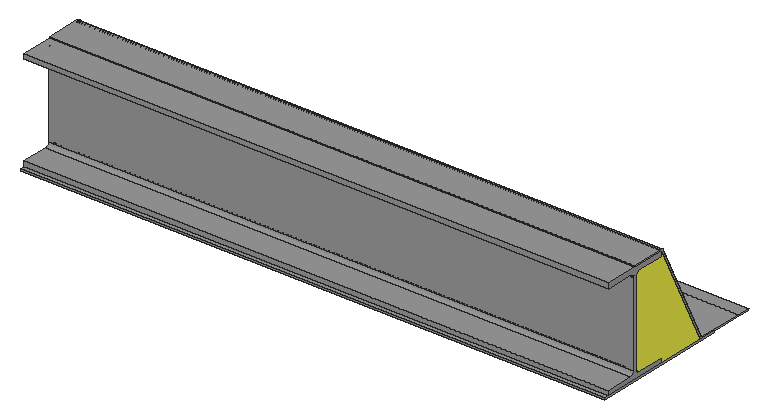
Revit family "XK 150 WOL", category Generic Models, Revit 2014
Parameters (values of type "Max lintel length 6600mm")
  URL = "http://www.keystonelintels.co.uk"
  Structural Opening [instance] = 900 mm
  Structural Performance = "The Keystone lintel range has safe working loads as detailed in each applicable loading table in the Keystone Lintel Guide brochure. The structural performance figures within each table have been ascertained by testing in accordance with the requirements of standards BS EN 5977-2: 1983 and BS EN 845-2: 2003."
  RIBA Productor Selector = "available for Keystone Lintels Ltd from Keystone Lintels Ltd from ribaproductselector.com"
  Model = "X/K 150 WOL"
  Min Length = 600 mm
  Min Clear Span = 300 mm
  Max Length = 6600 mm
  Max Clear Span = 6600 mm
  Material - Stainless Steel = "Grade 304 2b 1.4307 to BS EN 10088-2. Other grades available on request: contact manufacturer."
  Material - Galvanised Steel = "To BS EN 10346: 2009. DX51D plus Z600 or grade Z275 to BS 5977-2: 1983 (BS EN 845-2: 2003)."
  Manufacturer = "Keystone"
  Manufactured Length [instance] = (roundup(Effective Length / 150 mm) * 150 mm)  # 1200 mm
  Lintel height [instance] = 2100 mm
  Keynote = "F30/755"
  Fire Performance = "Keystone lintels have been subjected to a fire test (WARRES No. 101263) in accordance with BS 476-20: 1987, at Exova Warrington Fire and achieved a one hour fire performance."
  End Bearing = 150 mm
  Effective Length [instance] = Clear Opening with MIN MAX set + End Bearing * 2  # 1200 mm
  Corrosion = "Keystone’s standard range of lintels are manufactured from high quality grade pre-galvanized carbon steel with a zinc coating of 600"
  Contact Tel = "+44 (0)28 8676 2184"
  Contact Email = "info@keystonelintels.co.uk"
  Clear Opening with MIN MAX set [instance] = if(Structural Opening < Min Clear Span, Min Clear Span, (if(Structural Opening > Max Clear Span, Max Clear Span, Structural Opening)))  # 900 mm
  CPD Information = "Available for Keystone Lintels Ltd from ribacpd.com"
Reference planes
  plane 1 "Center (Front/Back)": y = 0
  plane 2: z = 0
  plane 3 "Center (Left/Right)": x = 0
  plane 4: x = -600
  plane 5: x = 600
  plane 6: z = 2100
  plane 7: x = -450
  plane 8: x = 450
Forms (mm)
  Extrusion 1, solid, material "Steel"
    sketch origin (0, 705.703, -506.841) x (0, 1, 0) y (0, 0, 1)
      loop
        line (-558.075, 2606.841) -> (-533.09, 2605.979) -> (-532.98, 2609.177) -> (-557.965, 2610.041) -> (-652.036, 2610.041)
        arc (-652.036, 2610.041) -> (-653.099, 2610.347) -> (-653.837, 2611.171) r 2
        line (-653.837, 2611.171) -> (-751.807, 2813.904)
        arc (-751.807, 2813.904) -> (-753.725, 2816.046) -> (-756.489, 2816.841) r 5.2
        line (-756.489, 2816.841) -> (-824.489, 2816.841) -> (-824.489, 2813.641) -> (-756.489, 2813.641)
        arc (-756.489, 2813.641) -> (-755.426, 2813.335) -> (-754.688, 2812.511) r 2
        line (-754.688, 2812.511) -> (-656.718, 2609.779)
        arc (-656.718, 2609.779) -> (-654.8, 2607.636) -> (-652.036, 2606.841) r 5.2
        line (-652.036, 2606.841) -> (-558.075, 2606.841)
    from -600 to 600
  Extrusion 2, solid, material "Steel"
    sketch origin (0, 705.703, -506.841) x (0, 1, 0) y (0, 0, 1)
      loop
        line (-813.243, 2804.041) -> (-757.093, 2804.041) -> (-757.093, 2813.641) -> (-890.993, 2813.641) -> (-890.993, 2804.041) -> (-834.843, 2804.041)
        arc (-834.843, 2804.041) -> (-829.469, 2801.815) -> (-827.243, 2796.441) r 7.6
        line (-827.243, 2796.441) -> (-827.243, 2624.041)
        arc (-827.243, 2624.041) -> (-829.469, 2618.667) -> (-834.843, 2616.441) r 7.6
        line (-834.843, 2616.441) -> (-890.993, 2616.441) -> (-890.993, 2606.841) -> (-757.093, 2606.841) -> (-757.093, 2616.441) -> (-813.243, 2616.441)
        arc (-813.243, 2616.441) -> (-818.617, 2618.667) -> (-820.843, 2624.041) r 7.6
        line (-820.843, 2624.041) -> (-820.843, 2796.441)
        arc (-820.843, 2796.441) -> (-818.617, 2801.815) -> (-813.243, 2804.041) r 7.6
    from -600 to 600
  Extrusion 3, solid, material "Steel"
    sketch origin (0, 705.703, -506.841) x (0, 1, 0) y (0, 0, 1)
      loop
        line (-620.993, 2603.641) -> (-620.993, 2606.841) -> (-900.993, 2606.841) -> (-900.993, 2603.641) -> (-620.993, 2603.641)
    from -600 to 600
  Extrusion 4, solid, material "Insulation"
    sketch origin (0, 705.703, -506.841) x (0, 1, 0) y (0, 0, 1)
      loop
        arc (-652.036, 2606.841) -> (-654.8, 2607.636) -> (-656.718, 2609.779) r 5.2
        line (-656.718, 2609.779) -> (-754.688, 2812.511)
        arc (-754.688, 2812.511) -> (-755.697, 2813.478) -> (-757.093, 2813.548) r 2
        line (-757.093, 2813.548) -> (-757.093, 2804.041) -> (-813.243, 2804.041)
        arc (-813.243, 2804.041) -> (-818.617, 2801.815) -> (-820.843, 2796.441) r 7.6
        line (-820.843, 2796.441) -> (-820.843, 2624.041)
        arc (-820.843, 2624.041) -> (-818.617, 2618.667) -> (-813.243, 2616.441) r 7.6
        line (-813.243, 2616.441) -> (-757.093, 2616.441) -> (-757.093, 2606.841) -> (-652.036, 2606.841)
    from -600 to 600
  Extrusion 5, solid, not visible
    sketch origin (0, 976.822, 1255.78) x (0, 1, 0) y (0, 0, 1)
      loop
        line (-558.075, 1006.841) -> (-533.09, 1005.979) -> (-532.98, 1009.177) -> (-557.965, 1010.041) -> (-652.036, 1010.041)
        arc (-652.036, 1010.041) -> (-653.099, 1010.347) -> (-653.837, 1011.171) r 2
        line (-653.837, 1011.171) -> (-751.807, 1213.904)
        arc (-751.807, 1213.904) -> (-753.725, 1216.046) -> (-756.489, 1216.841) r 5.2
        line (-756.489, 1216.841) -> (-824.489, 1216.841) -> (-824.489, 1213.641) -> (-756.489, 1213.641)
        arc (-756.489, 1213.641) -> (-755.426, 1213.335) -> (-754.688, 1212.511) r 2
        line (-754.688, 1212.511) -> (-656.718, 1009.779)
        arc (-656.718, 1009.779) -> (-654.8, 1007.636) -> (-652.036, 1006.841) r 5.2
        line (-652.036, 1006.841) -> (-558.075, 1006.841)
    from 0 to 250
  Extrusion 6, solid, not visible
    sketch origin (0, 694.204, 1206.455) x (0, 1, 0) y (0, 0, 1)
      loop
        line (-813.243, 1204.041) -> (-757.093, 1204.041) -> (-757.093, 1213.641) -> (-890.993, 1213.641) -> (-890.993, 1204.041) -> (-834.843, 1204.041)
        arc (-834.843, 1204.041) -> (-829.469, 1201.815) -> (-827.243, 1196.441) r 7.6
        line (-827.243, 1196.441) -> (-827.243, 1024.041)
        arc (-827.243, 1024.041) -> (-829.469, 1018.667) -> (-834.843, 1016.441) r 7.6
        line (-834.843, 1016.441) -> (-890.993, 1016.441) -> (-890.993, 1006.841) -> (-757.093, 1006.841) -> (-757.093, 1016.441) -> (-813.243, 1016.441)
        arc (-813.243, 1016.441) -> (-818.617, 1018.667) -> (-820.843, 1024.041) r 7.6
        line (-820.843, 1024.041) -> (-820.843, 1196.441)
        arc (-820.843, 1196.441) -> (-818.617, 1201.815) -> (-813.243, 1204.041) r 7.6
    from 0 to 250
  Extrusion 7, solid, not visible
    sketch origin (0, 1201.91, 1039.013) x (0, 1, 0) y (0, 0, 1)
      loop
        line (-620.993, 1003.641) -> (-620.993, 1006.841) -> (-900.993, 1006.841) -> (-900.993, 1003.641) -> (-620.993, 1003.641)
    from 0 to 250
  Extrusion 8, solid, not visible
    sketch origin (0, 577.433, 759.757) x (0, 1, 0) y (0, 0, 1)
      loop
        arc (-652.036, 1006.841) -> (-654.8, 1007.636) -> (-656.718, 1009.779) r 5.2
        line (-656.718, 1009.779) -> (-754.688, 1212.511)
        arc (-754.688, 1212.511) -> (-755.697, 1213.478) -> (-757.093, 1213.548) r 2
        line (-757.093, 1213.548) -> (-757.093, 1204.041) -> (-813.243, 1204.041)
        arc (-813.243, 1204.041) -> (-818.617, 1201.815) -> (-820.843, 1196.441) r 7.6
        line (-820.843, 1196.441) -> (-820.843, 1024.041)
        arc (-820.843, 1024.041) -> (-818.617, 1018.667) -> (-813.243, 1016.441) r 7.6
        line (-813.243, 1016.441) -> (-757.093, 1016.441) -> (-757.093, 1006.841) -> (-652.036, 1006.841)
    from 0 to 250
Dimensions and locks
  equal spacing: plane 4, plane 3 "Center (Left/Right)", plane 5
  "Manufactured Length": plane 4 to plane 5
  "Lintel height": plane 6 to level
  "Structural Opening": plane 7 to plane 8
  equal spacing: plane 7, plane 3 "Center (Left/Right)", plane 8
  aligned and locked: level to plane 2
  aligned and locked: Extrusion 1 to plane 6
  aligned and locked: Extrusion 4 to plane 6
  aligned and locked: Extrusion 2 to plane 6
  aligned and locked: plane 6 to Extrusion 3
  aligned and locked: plane 5 to Extrusion 3
  aligned and locked: Extrusion 3 to plane 4
  aligned and locked: plane 5 to Extrusion 1
  aligned and locked: Extrusion 1 to plane 4
  aligned and locked: plane 5 to Extrusion 4
  aligned and locked: Extrusion 4 to plane 4
  aligned and locked: plane 5 to Extrusion 2
  aligned and locked: Extrusion 2 to plane 4
Automatic sketch dimensions
  Extrusion 1 sketch curve to Extrusion 1 sketch curve = 24.985 mm
  Extrusion 1 sketch curve to Extrusion 1 sketch curve = 0.11 mm  (x2)
  Extrusion 1 sketch curve to Extrusion 1 sketch curve = 0.862 mm
  Extrusion 1 sketch curve to Extrusion 1 sketch curve = 3.2 mm
  Extrusion 1 sketch curve to Extrusion 1 sketch curve = 93.961 mm
  Extrusion 1 sketch curve to Extrusion 1 sketch curve = 2 mm
  Extrusion 1 sketch curve to Extrusion 1 sketch curve = 4.682 mm
  Extrusion 1 sketch curve to Extrusion 1 sketch curve = 1.801 mm  (x2)
  Extrusion 1 sketch curve to Extrusion 1 sketch curve = 97.97 mm
  Extrusion 1 sketch curve to Extrusion 1 sketch curve = 202.733 mm
  Extrusion 1 sketch curve to Extrusion 1 sketch curve = 2.881 mm
  Extrusion 1 sketch curve to Extrusion 1 sketch curve = 1.392 mm
  Extrusion 1 sketch curve to Extrusion 1 sketch curve = 0.87 mm
  Extrusion 1 sketch curve to Extrusion 1 sketch curve = 68 mm
  Extrusion 1 sketch curve to Extrusion 1 sketch curve = 0 mm  (x8)
  Extrusion 2 sketch curve to Extrusion 2 sketch curve = 56.15 mm  (x3)
  Extrusion 2 sketch curve to Extrusion 2 sketch curve = 9.6 mm  (x3)
  Extrusion 2 sketch curve to Extrusion 2 sketch curve = 77.75 mm
  Extrusion 2 sketch curve to Extrusion 2 sketch curve = 21.6 mm
  Extrusion 2 sketch curve to Extrusion 2 sketch curve = 7.6 mm  (x4)
  Extrusion 2 sketch curve to Extrusion 2 sketch curve = 172.4 mm
  Extrusion 2 sketch curve to Extrusion 2 sketch curve = 0 mm
  Extrusion 3 sketch curve to Extrusion 3 sketch curve = 280 mm
  Extrusion 3 sketch curve to Extrusion 3 sketch curve = 3.2 mm
  Extrusion 4 sketch curve to Extrusion 4 sketch curve = 105.057 mm
  Extrusion 4 sketch curve to Extrusion 4 sketch curve = 9.6 mm
  Extrusion 4 sketch curve to Extrusion 4 sketch curve = 56.15 mm
  Extrusion 4 sketch curve to Extrusion 4 sketch curve = 7.6 mm  (x2)
  Extrusion 4 sketch curve to Extrusion 4 sketch curve = 172.4 mm
  Extrusion 4 sketch curve to Extrusion 4 sketch curve = 0 mm
  Extrusion 4 sketch curve to Extrusion 4 sketch curve = 5.2 mm
  Extrusion 4 sketch curve to Extrusion 4 sketch curve = 4.682 mm
  Extrusion 4 sketch curve to Extrusion 4 sketch curve = 66.154 mm
  Extrusion 4 sketch curve to Extrusion 4 sketch curve = 16.07 mm
  Extrusion 4 sketch curve to Extrusion 4 sketch curve = 1.037 mm
  Extrusion 4 sketch curve to Extrusion 4 sketch curve = 1.801 mm
  Extrusion 4 sketch curve to Extrusion 4 sketch curve = 0.87 mm
  Extrusion 4 sketch curve to Extrusion 4 sketch curve = 2.937 mm
  Extrusion 5 sketch curve to Extrusion 5 sketch curve = 24.985 mm
  Extrusion 5 sketch curve to Extrusion 5 sketch curve = 0.11 mm  (x2)
  Extrusion 5 sketch curve to Extrusion 5 sketch curve = 0.862 mm
  Extrusion 5 sketch curve to Extrusion 5 sketch curve = 3.2 mm
  Extrusion 5 sketch curve to Extrusion 5 sketch curve = 93.961 mm
  Extrusion 5 sketch curve to Extrusion 5 sketch curve = 2 mm
  Extrusion 5 sketch curve to Extrusion 5 sketch curve = 4.682 mm
  Extrusion 5 sketch curve to Extrusion 5 sketch curve = 1.801 mm  (x2)
  Extrusion 5 sketch curve to Extrusion 5 sketch curve = 97.97 mm
  Extrusion 5 sketch curve to Extrusion 5 sketch curve = 202.733 mm
  Extrusion 5 sketch curve to Extrusion 5 sketch curve = 2.881 mm
  Extrusion 5 sketch curve to Extrusion 5 sketch curve = 1.392 mm
  Extrusion 5 sketch curve to Extrusion 5 sketch curve = 0.87 mm
  Extrusion 5 sketch curve to Extrusion 5 sketch curve = 68 mm
  Extrusion 5 sketch curve to Extrusion 5 sketch curve = 0 mm  (x8)
  Extrusion 6 sketch curve to Extrusion 6 sketch curve = 56.15 mm  (x3)
  Extrusion 6 sketch curve to Extrusion 6 sketch curve = 9.6 mm  (x3)
  Extrusion 6 sketch curve to Extrusion 6 sketch curve = 77.75 mm
  Extrusion 6 sketch curve to Extrusion 6 sketch curve = 21.6 mm
  Extrusion 6 sketch curve to Extrusion 6 sketch curve = 7.6 mm  (x4)
  Extrusion 6 sketch curve to Extrusion 6 sketch curve = 172.4 mm
  Extrusion 6 sketch curve to Extrusion 6 sketch curve = 0 mm
  Extrusion 7 sketch curve to Extrusion 7 sketch curve = 280 mm
  Extrusion 7 sketch curve to Extrusion 7 sketch curve = 3.2 mm
  Extrusion 8 sketch curve to Extrusion 8 sketch curve = 105.057 mm
  Extrusion 8 sketch curve to Extrusion 8 sketch curve = 9.6 mm
  Extrusion 8 sketch curve to Extrusion 8 sketch curve = 56.15 mm
  Extrusion 8 sketch curve to Extrusion 8 sketch curve = 7.6 mm  (x2)
  Extrusion 8 sketch curve to Extrusion 8 sketch curve = 172.4 mm
  Extrusion 8 sketch curve to Extrusion 8 sketch curve = 0 mm
  Extrusion 8 sketch curve to Extrusion 8 sketch curve = 5.2 mm
  Extrusion 8 sketch curve to Extrusion 8 sketch curve = 4.682 mm
  Extrusion 8 sketch curve to Extrusion 8 sketch curve = 66.154 mm
  Extrusion 8 sketch curve to Extrusion 8 sketch curve = 16.07 mm
  Extrusion 8 sketch curve to Extrusion 8 sketch curve = 1.037 mm
  Extrusion 8 sketch curve to Extrusion 8 sketch curve = 1.801 mm
  Extrusion 8 sketch curve to Extrusion 8 sketch curve = 0.87 mm
  Extrusion 8 sketch curve to Extrusion 8 sketch curve = 2.937 mm
  Extrusion 2 sketch curve to plane 6 = 0 mm
  plane 1 "Center (Front/Back)" to Extrusion 2 sketch curve = 185.289 mm
  Extrusion 1 sketch curve to plane 6 = 0 mm
  plane 1 "Center (Front/Back)" to Extrusion 1 sketch curve = 118.786 mm
  Extrusion 4 sketch curve to plane 6 = 0 mm
  plane 1 "Center (Front/Back)" to Extrusion 4 sketch curve = 115.139 mm
  Extrusion 3 sketch curve to plane 6 = 0 mm
  plane 1 "Center (Front/Back)" to Extrusion 3 sketch curve = 195.289 mm
